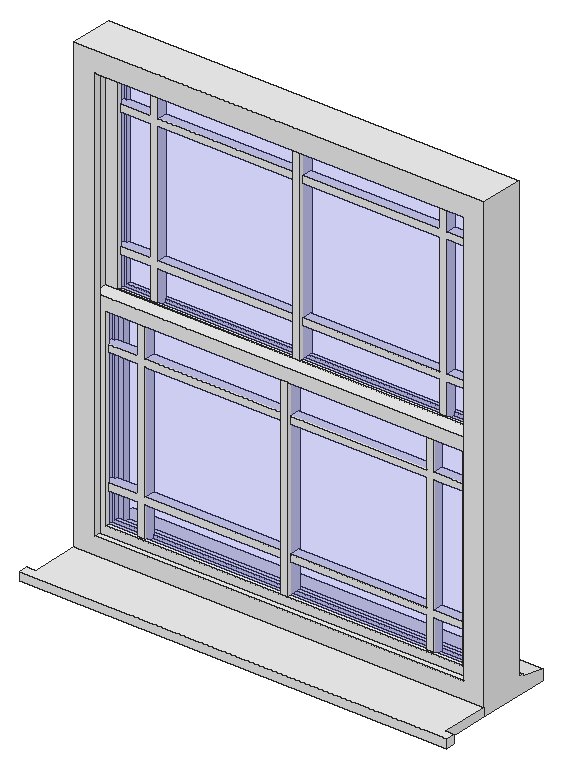
Revit family
Parameters
  Wrap Layers (Int) from Ext = 177.5 mm
  Wrap Layers (Ext) from Ext = 102.5 mm
  Window Board Projection = 25.0 mm
  Window Board Extension = 25.0 mm
  Vis - Vert Bar Top = yes
  Vis - Vert Bar Bttm = yes
  Vis - Glazing Bars Top = yes
  Vis - Glazing Bars Bttm = yes
  Vis - Cavity Closers = yes
  Vert Bar Width = 20.0 mm
  Rough Width = Width  # 1200.0 mm
  Rough Height = Height  # 1350.0 mm
  Material Trim = Window Frame
  Material Glazing Bars = Window Frame
  Material Glass = Glass
  Material Frame = Window Frame
  Manufacturer = "Revit"
  Height = 1350.0 mm
  Wall Closure = (empty or 0)
  Width = 1200.0 mm
  Glazing Thickness = 24.0 mm
  Glazing Bar Thickness = 20.0 mm
  Glazing Bar Offset = 100.0 mm
  FrameOffset - External = 50.0 mm
  Frame Depth = 90.0 mm
  Default Head Height = 2110.0 mm
  Cill Depth = 87.5 mm
  Cavity Closer Width = 50.0 mm
  Cavity Closer Offset from Ext = 102.5 mm
  Cavity Closer Depth = 85.0 mm
Reference planes
  plane 1: y = 0
  plane 2 "Center (Left/Right)": x = -146.464
  plane 3 "Left": x = -746.464
  plane 4 "Right": x = 453.536
  plane 5 "Cill": z = 760
  plane 6 "Head": z = 2110
  plane 7 "Exterior": y = 158.457
  plane 8 "Interior": y = -141.543
  plane 9 "Back of Window": y = 18.457
  plane 10 "Wall Closure": y = 55.957
  plane 11 "Front Cill": y = 195.957
  plane 12 "Front Window Board": y = -166.543
  plane 13 "RHS Window Board": x = 478.536
  plane 14 "LHS Window Board": x = -771.464
  plane 15 "Ext Leaf Back": y = 55.957
  plane 16 "Face Window": y = 108.457
  plane 17 "Front of Window": y = 108.457
  plane 18 "C/L window": y = 63.457
  plane 19: z = 1435
  plane 20: y = 40.957
  plane 21: y = 85.957
  plane 22: x = 276.464
  plane 23: x = -569.393
  plane 24: z = 960.071
  plane 25: z = 1559.571
  plane 26: z = 1932.929
  plane 27: z = 1322.5
  plane 28: y = -19.043
  plane 29: z = 2032.929
  plane 30: z = 1459.571
  plane 31: z = 1422.5
  plane 32: x = 376.464
  plane 33: x = -669.393
  plane 34: z = 860.071
Forms (mm)
  Extrusion 1, solid, material "Window Frame" <- "Material Trim", detail levels medium+fine
    sketch origin (0, 0, 760) x (0, -1, 0) y (-1, 0, 0)
      loop
        line (141.543, 771.464) -> (141.543, 746.464) -> (-0.457, 746.464) -> (-0.457, -453.536) -> (141.543, -453.536) -> (141.543, -478.536) -> (166.543, -478.536) -> (166.543, 771.464) -> (141.543, 771.464)
    from 0 to -25
  Extrusion 2, solid, material "Window Frame" <- "Material Frame"
    sketch origin (-146.464, 0, 0) x (0, 1, 0) y (0, 0, 1)
      loop
        line (0.457, 760) -> (213.957, 760) -> (213.957, 793.809) -> (141.457, 806.555) -> (141.457, 810.271) -> (126.457, 811) -> (126.457, 823) -> (18.457, 823) -> (18.457, 835) -> (0.457, 835) -> (0.457, 760)
    from 600 to -600
  Sweep 3, solid, material "Window Frame" <- "Material Frame"
    path origin (0, 18.457, 0) x (1, 0, 0) y (0, 0, 1)
      loop
        line (-746.464, 823) -> (-746.464, 2110) -> (453.536, 2110) -> (453.536, 823)
    profile origin (0, 0, 1466.5) x (-1, 0, 0) y (0, -1, 0)
      loop
        line (746.464, -0.457) -> (686.464, -0.457) -> (686.464, -18.457) -> (706.464, -18.457) -> (706.464, -108.457) -> (686.464, -108.457) -> (686.464, -126.457) -> (746.464, -126.457) -> (746.464, -0.457)
  Sweep 4, solid, material "Window Frame" <- "Material Frame"
    path origin (0, 18.457, 0) x (1, 0, 0) y (0, 0, 1)
      loop
        line (423.536, 1470) -> (-716.464, 1470) -> (-716.464, 813) -> (423.536, 813) -> (423.536, 1470)
    profile origin (0, 0, 1141.5) x (0, -1, 0) y (1, 0, 0)
      loop
        line (-18.457, -706.464) -> (-18.457, -669.393) -> (-28.957, -669.393) -> (-28.957, -679.393) -> (-52.957, -679.393) -> (-52.957, -669.393) -> (-63.457, -669.393) -> (-63.457, -706.464) -> (-18.457, -706.464)
  Sweep 5, solid, material "Window Frame" <- "Material Frame"
    path origin (0, 108.457, 0) x (1, 0, 0) y (0, 0, 1)
      loop
        line (423.536, 2080) -> (-716.464, 2080) -> (-716.464, 1412.5) -> (423.536, 1412.5) -> (423.536, 2080)
    profile origin (0, 0, 1746.25) x (0, -1, 0) y (1, 0, 0)
      loop
        line (-63.457, -706.464) -> (-63.457, -669.393) -> (-73.957, -669.393) -> (-73.957, -679.393) -> (-97.957, -679.393) -> (-97.957, -669.393) -> (-108.457, -669.393) -> (-108.457, -706.464) -> (-63.457, -706.464)
  Extrusion 6, solid, material "Window Frame" <- "Material Frame", visible <- "Vis - Glazing Bars Bttm"
    sketch origin (0, 85.957, 0) x (-1, 0, 0) y (0, 0, 1)
      loop
        line (-286.464, 850.071) -> (-266.464, 850.071) -> (-266.464, 950.071) -> (559.393, 950.071) -> (559.393, 850.071) -> (579.393, 850.071) -> (579.393, 950.071) -> (679.393, 950.071) -> (679.393, 970.071) -> (579.393, 970.071) -> (579.393, 1312.5) -> (679.393, 1312.5) -> (679.393, 1332.5) -> (579.393, 1332.5) -> (579.393, 1432.929) -> (559.393, 1432.929) -> (559.393, 1332.5) -> (-266.464, 1332.5) -> (-266.464, 1432.929) -> (-286.464, 1432.929) -> (-286.464, 1332.5) -> (-386.464, 1332.5) -> (-386.464, 1312.5) -> (-286.464, 1312.5) -> (-286.464, 970.071) -> (-386.464, 970.071) -> (-386.464, 950.071) -> (-286.464, 950.071) -> (-286.464, 850.071)
      loop
        line (-266.464, 970.071) -> (559.393, 970.071) -> (559.393, 1312.5) -> (-266.464, 1312.5) -> (-266.464, 970.071)
    from -30 to -60
  Extrusion 7, solid, material "Window Frame" <- "Material Frame", visible <- "Vis - Glazing Bars Top"
    sketch origin (0, 85.957, 0) x (-1, 0, 0) y (0, 0, 1)
      loop
        line (-286.464, 1449.571) -> (-266.464, 1449.571) -> (-266.464, 1549.571) -> (559.393, 1549.571) -> (559.393, 1449.571) -> (579.393, 1449.571) -> (579.393, 1549.571) -> (679.393, 1549.571) -> (679.393, 1569.571) -> (579.393, 1569.571) -> (579.393, 1922.929) -> (680.943, 1922.929) -> (680.943, 1942.929) -> (579.393, 1942.929) -> (579.393, 2042.929) -> (559.393, 2042.929) -> (559.393, 1942.929) -> (-266.464, 1942.929) -> (-266.464, 2042.929) -> (-286.464, 2042.929) -> (-286.464, 1942.929) -> (-384.914, 1942.929) -> (-384.914, 1922.929) -> (-286.464, 1922.929) -> (-286.464, 1569.571) -> (-386.464, 1569.571) -> (-386.464, 1549.571) -> (-286.464, 1549.571) -> (-286.464, 1449.571)
      loop
        line (-266.464, 1569.571) -> (559.393, 1569.571) -> (559.393, 1922.929) -> (-266.464, 1922.929) -> (-266.464, 1569.571)
    from 15 to -15
  Extrusion 8, solid, material "Glass" <- "Material Glass"
    sketch origin (386.464, 52.957, 1432.929) x (-1, 0, 0) y (0, 0, -1)
      loop
        line (1065.858, 582.858) -> (0, 582.858) -> (0, 0) -> (1065.858, 0) -> (1065.858, 582.858)
    from 0 to 24 <- "Glazing Thickness"
  Extrusion 9, solid, material "Glass" <- "Material Glass"
    sketch origin (386.464, 97.957, 2042.929) x (-1, 0, 0) y (0, 0, -1)
      loop
        line (0, 0) -> (1065.858, 0) -> (1065.858, 593.358) -> (0, 593.358) -> (0, 0)
    from 0 to 24 <- "Glazing Thickness"
  Blend 10, solid, material "Window Frame" <- "Material Frame"
    base sketch origin (0, 0, 760) x (0, -1, 0) y (1, 0, 0)
      loop
        line (-63.457, -706.464) -> (-63.457, -679.393) -> (-108.457, -679.393) -> (-108.457, -706.464) -> (-63.457, -706.464)
    top sketch origin (0, 0, 760) x (0, -1, 0) y (1, 0, 0)
      loop
        line (-63.457, -706.464) -> (-63.457, -686.393) -> (-108.457, -686.393) -> (-108.457, -706.464) -> (-63.457, -706.464)
    from 662.5 to 612.5
  Blend 11, solid, material "Window Frame" <- "Material Frame"
    base sketch origin (880, 0, 760) x (0, -1, 0) y (1, 0, 0)
      loop
        line (-63.457, -493.536) -> (-63.457, -466.464) -> (-108.457, -466.464) -> (-108.457, -493.536) -> (-63.457, -493.536)
    top sketch origin (880, 0, 760) x (0, -1, 0) y (1, 0, 0)
      loop
        line (-63.457, -486.536) -> (-63.457, -466.464) -> (-108.457, -466.464) -> (-108.457, -486.536) -> (-63.457, -486.536)
    from 662.5 to 612.5
  Extrusion 12, solid, material "Window Frame" <- "Material Frame", visible <- "Vis - Vert Bar Top"
    sketch origin (0, 0, 760) x (0, -1, 0) y (-1, 0, 0)
      loop
        line (-63.457, 156.464) -> (-108.457, 156.464) -> (-108.457, 136.464) -> (-63.457, 136.464) -> (-63.457, 156.464)
    from -1272.929 to -700
  Extrusion 13, solid, material "Window Frame" <- "Material Frame", visible <- "Vis - Vert Bar Bttm"
    sketch origin (-669.393, 52.957, 860.071) x (1, 0, 0) y (0, 1, 0)
      loop
        line (512.929, 10.5) -> (512.929, -34.5) -> (532.929, -34.5) -> (532.929, 10.5) -> (512.929, 10.5)
    from 0 to 562.429
Cuts and joins
  joined: Extrusion 2, Sweep 3
  joined: Sweep 5, Blend 10, Blend 11
Lines and regions (mm)
  Opening 1
    outline origin (-5000, -141.543, 0) x (1, 0, 0) y (0, 0, 1)
      loop
        line (5453.536, 2110) -> (4253.536, 2110) -> (4253.536, 760) -> (5453.536, 760) -> (5453.536, 2110)
  symbolic lines, style "WindowsFrameMullionProjection", detail levels coarse
    curve 1: line (423.536, 0, 2080) -> (423.536, 0, 813)
    curve 2: line (423.536, 0, 813) -> (-716.464, 0, 813)
    curve 3: line (-716.464, 0, 813) -> (-716.464, 0, 2080)
    curve 4: line (-716.464, 0, 2080) -> (423.536, 0, 2080)
    curve 5: line (-721.464, 0, 793.809) -> (428.536, 0, 793.809)
  symbolic lines, style "Windows"
    curve 6: line (-746.464, 126.457, 0) -> (-746.464, 43.457, 0)
    curve 7: line (453.536, 43.457, 0) -> (453.536, 126.457, 0)
    curve 8: line (-686.464, 0.457, 0) -> (-686.464, 126.457, 0)
    curve 9: line (393.536, 0.457, 0) -> (393.536, 126.457, 0)
    curve 10: line (-686.464, 63.457, 0) -> (393.536, 63.457, 0)
  symbolic lines, style "Cavity Closer", visible <- "Vis - Cavity Closers", detail levels medium+fine
    curve 11: line (-746.464, 55.957, 0) -> (-796.464, 55.957, 0)
    curve 12: line (-746.464, -29.043, 0) -> (-746.464, 55.957, 0)
    curve 13: line (-796.464, -29.043, 0) -> (-746.464, -29.043, 0)
    curve 14: line (-796.464, 55.957, 0) -> (-796.464, -29.043, 0)
    curve 15: line (-746.464, -29.043, 0) -> (-796.464, 55.957, 0)
    curve 16: line (-796.464, -29.043, 0) -> (-746.464, 55.957, 0)
    curve 17: line (453.536, 55.957, 0) -> (503.536, 55.957, 0)
    curve 18: line (453.536, -29.043, 0) -> (453.536, 55.957, 0)
    curve 19: line (503.536, -29.043, 0) -> (453.536, -29.043, 0)
    curve 20: line (503.536, 55.957, 0) -> (503.536, -29.043, 0)
    curve 21: line (453.536, -29.043, 0) -> (503.536, 55.957, 0)
    curve 22: line (503.536, -29.043, 0) -> (453.536, 55.957, 0)
  symbolic lines, detail levels coarse
    curve 23: line (-669.393, 0, 1422.929) -> (376.464, 0, 1422.929)
    curve 24: line (376.464, 0, 1422.929) -> (376.464, 0, 860.071)
    curve 25: line (376.464, 0, 860.071) -> (-669.393, 0, 860.071)
    curve 26: line (-669.393, 0, 860.071) -> (-669.393, 0, 1422.929)
    curve 27: line (376.464, 0, 2032.929) -> (376.464, 0, 1459.571)
    curve 28: line (376.464, 0, 1459.571) -> (-669.393, 0, 1459.571)
    curve 29: line (-669.393, 0, 1459.571) -> (-669.393, 0, 2032.929)
    curve 30: line (-669.393, 0, 2032.929) -> (376.464, 0, 2032.929)
  symbolic lines, style "Glazing Bars", visible <- "Vis - Vert Bar Bttm", detail levels coarse
    curve 31: line (-669.393, 0, 1422.929) -> (-669.393, 0, 860.071)
  symbolic lines, style "WindowsSillHeadProjection"
    curve 32: line (453.536, 213.957, 0) -> (-746.464, 213.957, 0)
    curve 33: line (-746.464, 213.957, 0) -> (-746.464, 158.457, 0)
    curve 34: line (453.536, 158.457, 0) -> (453.536, 213.957, 0)
  symbolic lines
    curve 35: line (453.536, 126.457, 0) -> (-746.464, 126.457, 0)
    curve 36: line (-746.464, 0.457, 0) -> (453.536, 0.457, 0)
Text (mm)
  text "EXTERIOR" at (-1415.209, 454.062, 0), in view "Ref. Level"
  text "INTERIOR" at (-1415.209, -367.981, 0), in view "Ref. Level"
  text "Exterior" at (0, 923.751, 2943.296), in view "Right"
  text "Exterior" at (0, 1040.484, 2685.409), in view "Left"
Dimensions and locks
  equal spacing: plane 3 "Left", plane 2 "Center (Left/Right)", plane 4 "Right"
  "Width": plane 3 "Left" to plane 4 "Right"
  "Height": plane 5 "Cill" to plane 6 "Head"
  "Default Head Height": plane 6 "Head" to level
  locked: plane 7 "Exterior" to host wall at 0
  locked: plane 8 "Interior" to host wall
  "Window Board Projection": plane 12 "Front Window Board" to plane 8 "Interior"
  "Window Board Extension": plane 14 "LHS Window Board" to plane 3 "Left"
  "Window Board Extension": plane 4 "Right" to plane 13 "RHS Window Board"
  "Cavity Closer Offset from Ext": plane 15 "Ext Leaf Back" to plane 7 "Exterior"
  Extrusion 2 sketch curve to Extrusion 2 sketch curve = 12.0 mm
  "Cavity Closer Depth": curve 11 to curve 13
  "Cavity Closer Width": curve 14 to plane 3 "Left"
  "Cavity Closer Depth": curve 17 to curve 19
  "Cavity Closer Width": plane 4 "Right" to curve 20
  "Cill Depth": plane 16 "Face Window" to plane 11 "Front Cill"
  "Frame Depth": plane 9 "Back of Window" to plane 17 "Front of Window"
  equal spacing: plane 5 "Cill", plane 19, plane 6 "Head"
  equal spacing: plane 9 "Back of Window", plane 20, plane 18 "C/L window", plane 21, plane 17 "Front of Window"
  equal spacing: Sweep 4 sketch curve, plane 20, Sweep 4 sketch curve
  "Glazing Thickness": Sweep 4 sketch curve to Sweep 4 sketch curve
  locked: Extrusion 2 sketch curve to plane 9 "Back of Window" at 18
  locked: plane 17 "Front of Window" to Sweep 3 sketch curve at 18
  "FrameOffset - External": plane 17 "Front of Window" to plane 7 "Exterior"
  locked: plane 17 "Front of Window" to Extrusion 2 sketch curve at 18
  locked: Extrusion 2 sketch curve to Extrusion 2 sketch curve at 15
  locked: plane 19 to Sweep 4 sketch curve at 35
  locked: Sweep 5 sketch curve to plane 19 at 22.5
  "Glazing Thickness": Sweep 5 sketch curve to Sweep 5 sketch curve
  locked: Sweep 5 sketch curve to Sweep 5 sketch curve at 10
  Sweep 5 sketch curve to Sweep 5 sketch curve = 37.071 mm
  equal spacing: Sweep 5 sketch curve, plane 21, Sweep 5 sketch curve
  equal spacing: Extrusion 6 sketch curve, plane 22, Extrusion 6 sketch curve
  "Glazing Bar Thickness": Extrusion 6 sketch curve to Extrusion 6 sketch curve  (x5)
  equal spacing: Extrusion 6 sketch curve, plane 24, Extrusion 6 sketch curve
  equal spacing: Extrusion 6 sketch curve, plane 23, Extrusion 6 sketch curve
  equal spacing: Extrusion 7 sketch curve, plane 25, Extrusion 7 sketch curve
  equal spacing: Extrusion 7 sketch curve, plane 22, Extrusion 7 sketch curve
  equal spacing: Extrusion 7 sketch curve, plane 23, Extrusion 7 sketch curve
  "Glazing Bar Thickness": Extrusion 7 sketch curve to Extrusion 7 sketch curve  (x4)
  "Cill Depth": Extrusion 2 sketch curve to Extrusion 2 sketch curve
  "Wrap Layers (Ext) from Ext": plane 10 "Wall Closure" to plane 7 "Exterior"
  Blend 10 sketch curve to var sketch = 7.0 mm
  locked: Blend 10 to Blend 10 at 50
  locked: Blend 11 to Blend 11 at 50
  locked: var sketch to Blend 11 sketch curve at 7
  equal spacing: Extrusion 12 sketch curve, plane 2 "Center (Left/Right)", Extrusion 12 sketch curve
  "Vert Bar Width": Extrusion 12 sketch curve to Extrusion 12 sketch curve
  equal spacing: Extrusion 7 sketch curve, plane 26, Extrusion 7 sketch curve
  equal spacing: Extrusion 13 sketch curve, plane 2 "Center (Left/Right)", Extrusion 13 sketch curve
  "Vert Bar Width": Extrusion 13 sketch curve to Extrusion 13 sketch curve
  equal spacing: Extrusion 6 sketch curve, plane 27, Extrusion 6 sketch curve
  locked: Extrusion 7 to Extrusion 9 at 3  (x2)
  locked: Extrusion 6 to Extrusion 8 at 3  (x2)
  "Wrap Layers (Int) from Ext": plane 28 to plane 7 "Exterior"
  locked: plane 29 to plane 6 "Head" at 77.071
  "Glazing Bar Offset": plane 26 to plane 29
  locked: plane 32 to plane 4 "Right" at 77.071
  locked: plane 33 to plane 3 "Left" at 77.071
  "Glazing Bar Offset": plane 32 to plane 22
  "Glazing Bar Offset": plane 23 to plane 33
  plane 31 to plane 19 to plane 30 = 12.5 mm locked, 24.571 mm locked
  "Glazing Bar Offset": plane 30 to plane 25
  "Glazing Bar Offset": plane 27 to plane 31
  "Glazing Bar Offset": plane 34 to plane 24
  locked: plane 5 "Cill" to plane 34 at 100.071
  aligned and locked: plane 3 "Left" to Extrusion 1 sketch curve
  aligned and locked: Extrusion 1 sketch curve to plane 8 "Interior"  (x2)
  aligned and locked: Extrusion 1 sketch curve to plane 13 "RHS Window Board"
  aligned and locked: Extrusion 1 to plane 12 "Front Window Board"
  aligned and locked: plane 14 "LHS Window Board" to Extrusion 1 sketch curve
  aligned and locked: Extrusion 2 sketch curve to plane 5 "Cill"
  aligned and locked: plane 3 "Left" to Extrusion 2
  aligned and locked: Extrusion 2 to plane 4 "Right"
  aligned and locked: Extrusion 2 to curve 5
  aligned and locked: Sweep 3 to curve 8
  aligned and locked: curve 9 to Sweep 3
  aligned and locked: plane 3 "Left" to nested 1
  aligned and locked: curve 12 to plane 3 "Left"
  aligned and locked: plane 4 "Right" to nested 2
  aligned and locked: curve 18 to plane 4 "Right"
  aligned and locked: Sweep 3 sketch curve to Sweep 3 sketch curve
  aligned and locked: Sweep 3 sketch curve to plane 17 "Front of Window"
  aligned and locked: Sweep 3 sketch curve to plane 9 "Back of Window"
  aligned and locked: Sweep 4 sketch curve to plane 18 "C/L window"
  aligned and locked: plane 9 "Back of Window" to Extrusion 2 sketch curve
  aligned and locked: plane 18 "C/L window" to Sweep 5 sketch curve
  aligned and locked: Sweep 5 sketch curve to plane 17 "Front of Window"
  aligned and locked: Sweep 5 sketch curve to Sweep 5 sketch curve
  aligned and locked: Extrusion 6 sketch curve to Extrusion 6 sketch curve  (x13)
  aligned and locked: Extrusion 7 sketch curve to Extrusion 7 sketch curve  (x14)
  aligned and locked: curve 32 to cut or joined group of Extrusion 2, Sweep 3
  aligned and locked: curve 33 to cut or joined group of Extrusion 2, Sweep 3
  aligned and locked: cut or joined group of Extrusion 2, Sweep 3 to curve 34
  aligned and locked: curve 35 to cut or joined group of Extrusion 2, Sweep 3
  aligned and locked: curve 36 to cut or joined group of Extrusion 2, Sweep 3
  aligned and locked: Sweep 5 to curve 10
  aligned and locked: Blend 10 sketch curve to Sweep 5
  aligned and locked: Blend 10 to Sweep 5
  aligned and locked: Blend 11 sketch curve to Sweep 5  (x2)
  aligned and locked: Blend 11 sketch curve to var sketch
  aligned and locked: cut or joined group of Sweep 5, Blend 10, Blend 11 to cut or joined group of Sweep 5, Blend 10, Blend 11
  aligned and locked: Extrusion 12 to Sweep 4
  aligned and locked: Extrusion 12 to cut or joined group of Sweep 5, Blend 10, Blend 11
  aligned and locked: Extrusion 13 to Sweep 4
  aligned and locked: Extrusion 13 to cut or joined group of Sweep 5, Blend 10, Blend 11
  aligned and locked: Extrusion 12 sketch curve to Sweep 4
  aligned and locked: Extrusion 13 sketch curve to Sweep 4
  aligned and locked: curve 24 to Sweep 4
  aligned and locked: curve 25 to Sweep 4
  aligned and locked: curve 26 to Sweep 4
  aligned and locked: curve 23 to Sweep 4
  aligned and locked: curve 27 to cut or joined group of Sweep 5, Blend 10, Blend 11
  aligned and locked: curve 28 to cut or joined group of Sweep 5, Blend 10, Blend 11
  aligned and locked: curve 30 to cut or joined group of Sweep 5, Blend 10, Blend 11
  aligned and locked: curve 29 to cut or joined group of Sweep 5, Blend 10, Blend 11
  aligned and locked: Extrusion 8 to Sweep 4
  aligned and locked: Extrusion 9 to cut or joined group of Sweep 5, Blend 10, Blend 11
  aligned and locked: nested 2 to plane 15 "Ext Leaf Back"
  aligned and locked: plane 15 "Ext Leaf Back" to curve 17
  aligned and locked: nested 1 to plane 15 "Ext Leaf Back"
  aligned and locked: plane 15 "Ext Leaf Back" to curve 11
Automatic sketch dimensions
  Extrusion 1 sketch curve to plane 4 "Right" = 0.0 mm
  plane 9 "Back of Window" to Extrusion 1 sketch curve = 18.0 mm
  Extrusion 1 sketch curve to plane 12 "Front Window Board" = 0.0 mm
  Sweep 3 sketch curve to plane 3 "Left" = 0.0 mm
  Sweep 3 sketch curve to plane 4 "Right" = 0.0 mm
  Sweep 3 sketch curve to plane 6 "Head" = 0.0 mm
  Sweep 3 sketch curve to plane 5 "Cill" = 63.0 mm  (x2)
  Sweep 3 sketch curve to profile plane = 0.0 mm
  profile plane to Sweep 3 sketch curve = 40.0 mm
  plane 9 "Back of Window" to Sweep 3 sketch curve = 18.0 mm
  Sweep 3 sketch curve to Sweep 3 sketch curve = 20.0 mm
  Sweep 4 sketch curve to plane 9 "Back of Window" = 0.0 mm
  Sweep 4 sketch curve to profile plane = 10.0 mm
  Sweep 4 sketch curve to Sweep 4 sketch curve = 27.071 mm
  Sweep 4 sketch curve to Sweep 4 sketch curve = 10.0 mm  (x2)
  Extrusion 2 sketch curve to plane 5 "Cill" = 33.809 mm
  Extrusion 2 sketch curve to plane 5 "Cill" = 46.555 mm
  Extrusion 2 sketch curve to Extrusion 2 sketch curve = 3.716 mm
  Extrusion 2 sketch curve to Extrusion 2 sketch curve = 0.729 mm
  Extrusion 2 sketch curve to Extrusion 2 sketch curve = 12.0 mm
  Sweep 4 sketch curve to plane 3 "Left" = 30.0 mm
  plane 4 "Right" to Sweep 4 sketch curve = 30.0 mm
  Sweep 4 sketch curve to plane 5 "Cill" = 53.0 mm
  Sweep 5 sketch curve to plane 3 "Left" = 30.0 mm
  plane 4 "Right" to Sweep 5 sketch curve = 30.0 mm
  plane 6 "Head" to Sweep 5 sketch curve = 30.0 mm
  Sweep 5 sketch curve to profile plane = 10.0 mm
  curve 7 to plane 4 "Right" = 0.0 mm
  curve 33 to host wall = 0.0 mm
  curve 34 to host wall = 0.0 mm
  plane 4 "Right" to Extrusion 8 sketch curve = 67.071 mm
  plane 19 to Extrusion 8 sketch curve = 2.071 mm
  Extrusion 8 sketch curve to plane 3 "Left" = 67.071 mm
  Extrusion 8 sketch curve to plane 5 "Cill" = 90.071 mm
  Extrusion 9 sketch curve to plane 19 = 14.571 mm
  plane 4 "Right" to Extrusion 9 sketch curve = 67.071 mm
  Extrusion 9 sketch curve to plane 3 "Left" = 67.071 mm
  plane 6 "Head" to Extrusion 9 sketch curve = 67.071 mm
  curve 35 to plane 3 "Left" = 0.0 mm
  curve 6 to plane 20 = 2.5 mm
  curve 7 to plane 20 = 2.5 mm
  curve 36 to plane 3 "Left" = 0.0 mm
  curve 36 to plane 4 "Right" = 0.0 mm
  Blend 10 sketch curve to plane 17 "Front of Window" = 0.0 mm  (x2)
  Blend 10 sketch curve to plane 18 "C/L window" = 0.0 mm  (x2)
  Blend 10 sketch curve to Blend 10 sketch curve = 27.071 mm
  Blend 10 sketch curve to Blend 10 sketch curve = 20.071 mm
  Blend 11 sketch curve to plane 17 "Front of Window" = 0.0 mm  (x2)
  Blend 11 sketch curve to plane 18 "C/L window" = 0.0 mm  (x2)
  Extrusion 12 sketch curve to plane 17 "Front of Window" = 0.0 mm
  plane 4 "Right" to Extrusion 7 sketch curve = 68.621 mm
  plane 4 "Right" to Extrusion 7 sketch curve = 67.071 mm
  Extrusion 7 sketch curve to plane 3 "Left" = 67.071 mm
  Extrusion 7 sketch curve to plane 3 "Left" = 65.521 mm
  Extrusion 7 sketch curve to plane 19 = 14.571 mm  (x2)
  plane 6 "Head" to Extrusion 7 sketch curve = 67.071 mm  (x2)
  Extrusion 13 sketch curve to plane 18 "C/L window" = 0.0 mm
  plane 4 "Right" to Extrusion 6 sketch curve = 67.071 mm  (x2)
  Extrusion 6 sketch curve to plane 3 "Left" = 67.071 mm  (x2)
  Extrusion 6 sketch curve to plane 5 "Cill" = 90.071 mm  (x2)
  plane 19 to Extrusion 6 sketch curve = 2.071 mm  (x2)
  plane 6 "Head" to curve 1 = 30.0 mm
  curve 1 to curve 5 = 19.191 mm
  curve 4 to plane 3 "Left" = 30.0 mm
  plane 4 "Right" to curve 4 = 30.0 mm
  plane 26 to Extrusion 7 sketch curve = 10.0 mm
  plane 25 to Extrusion 7 sketch curve = 10.0 mm
  plane 27 to Extrusion 6 sketch curve = 10.0 mm
  plane 24 to Extrusion 6 sketch curve = 10.0 mm
  curve 1 to curve 5 = 5.0 mm
  curve 5 to curve 2 = 5.0 mm
  Opening 1 sketch curve to plane 3 "Left" = 0.0 mm
  Opening 1 sketch curve to plane 4 "Right" = 0.0 mm
  Opening 1 sketch curve to plane 5 "Cill" = 0.0 mm
  Opening 1 sketch curve to plane 6 "Head" = 0.0 mm
Nested families
  nested 1: "UK_Cavity Closer" at (-796.464, 55.957, 0), visible <- "Vis - Cavity Closers", type "UK_Cavity Closer", detail levels medium+fine
  nested 2: "UK_Cavity Closer" at (503.536, 55.957, 0) x (-1, 0, 0) z (0, 0, 1), visible <- "Vis - Cavity Closers", type "UK_Cavity Closer", detail levels medium+fine
Definition of nested family "UK_Cavity Closer"
  Parameters
    Closer Width = 50.0 mm
    Closer Depth = 75.0 mm
  Reference planes
    plane 1 "Center (Front/Back)": y = 0
    plane 2: z = 0
    plane 3 "Center (Left/Right)": x = 0
    plane 4: x = 50, in view "Ref. Level"
    plane 5: y = -75, in view "Ref. Level"
  Lines and regions (mm)
    Masking region 1, in view "Ref. Level"
      outline origin (0, 0, 0) x (1, 0, 0) y (0, 1, 0)
        loop
          line (0, 0) -> (0, -75) -> (50, -75) -> (50, 0) -> (0, 0)
  Dimensions and locks
    "Closer Width": plane 3 "Center (Left/Right)" to plane 4
    "Closer Depth": plane 5 to plane 1 "Center (Front/Back)"
  Automatic sketch dimensions
    Masking region 1 sketch curve to plane 3 "Center (Left/Right)" = 0.0 mm
    Masking region 1 sketch curve to plane 4 = 0.0 mm
    Masking region 1 sketch curve to plane 5 = 0.0 mm
    Masking region 1 sketch curve to plane 1 "Center (Front/Back)" = 0.0 mm
